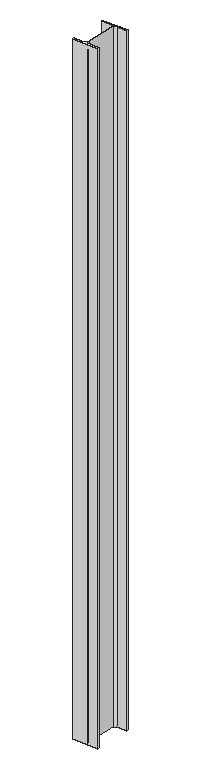
Revit family "L - Flange largo - Coluna", category Pilares estruturais, Revit 2019
Family settings
  Forma do corte = Não definido
  Material para o comportamento do modelo = Aço
  Exportar sempre como geometria = Não
  Redução da viga na planta = Da caixa de vinculação
  Corte com vazios quando carregada = Não
  Representação simbólica = Das configurações de projeto
  Compartilhado = Não
  Exibir o pré-corte da família na vista da planta = Sim
Parameters (values of type "W 150x13.0")
  tw = 4.3 mm
  tf = 4.9 mm
  r1 = 10 mm
  h = 148 mm
  b = 100 mm
  W = 0.013
  Structural Material [instance] = Metal - Aço 345 MPa
  A = 0.00166 m²
Reference planes
  plane 1 "Centro (Frente/Trás)": y = 0
  plane 2: z = 0
  plane 3 "Centro (Esquerda/Direita)": x = 0
  plane 4 "Esquerda": x = -50
  plane 5 "Direita": x = 50
  plane 6 "Parte posterior": y = 74
  plane 7 "Parte frontal": y = -74
  plane 8: x = -2.15
  plane 9: x = 2.15
  plane 10: y = -69.1
  plane 11: y = 69.1
Forms (mm)
  Extrusion 1, solid, material "Metal - Aço 345 MPa" <- "Structural Material", detail levels medium
    sketch origin (0, 0, 0) x (1, 0, 0) y (0, 1, 0)
      loop
        line (-50, 74) -> (-50, 69.1) -> (-2.15, 69.1) -> (-2.15, -69.1) -> (-50, -69.1) -> (-50, -74) -> (50, -74) -> (50, -69.1) -> (2.15, -69.1) -> (2.15, 69.1) -> (50, 69.1) -> (50, 74) -> (-50, 74)
    from 0 to 2500
  Extrusion 2, solid, material "Metal - Aço 345 MPa" <- "Structural Material", detail levels fine
    sketch origin (0, 0, 0) x (1, 0, 0) y (0, 1, 0)
      loop
        line (50, 74) -> (-50, 74) -> (-50, 69.1) -> (-12.15, 69.1)
        arc (-12.15, 69.1) -> (-5.079, 66.171) -> (-2.15, 59.1) r 10
        line (-2.15, 59.1) -> (-2.15, -59.1)
        arc (-2.15, -59.1) -> (-5.079, -66.171) -> (-12.15, -69.1) r 10
        line (-12.15, -69.1) -> (-50, -69.1) -> (-50, -74) -> (50, -74) -> (50, -69.1) -> (12.15, -69.1)
        arc (12.15, -69.1) -> (5.079, -66.171) -> (2.15, -59.1) r 10
        line (2.15, -59.1) -> (2.15, 59.1)
        arc (2.15, 59.1) -> (5.079, 66.171) -> (12.15, 69.1) r 10
        line (12.15, 69.1) -> (50, 69.1) -> (50, 74)
    from 0 to 2500
Lines and regions (mm)
  symbolic lines, style "StructuralColumnStickSymbols", detail levels coarse
    curve 1: line (50, 74, 0) -> (-50, 74, 0)
    curve 2: line (-50, -74, 0) -> (50, -74, 0)
    curve 3: line (0, 74, 0) -> (0, -74, 0)
  symbolic lines, style "Faces ocultas", detail levels medium+fine
    curve 4: line (2.15, 74, 0) -> (2.15, 74, 2500)
    curve 5: line (-2.15, 74, 2500) -> (-2.15, 74, 0)
Dimensions and locks
  equal spacing: plane 4 "Esquerda", plane 3 "Centro (Esquerda/Direita)", plane 5 "Direita"
  equal spacing: plane 7 "Parte frontal", plane 1 "Centro (Frente/Trás)", plane 6 "Parte posterior"
  "b": plane 4 "Esquerda" to plane 5 "Direita"
  "h": plane 7 "Parte frontal" to plane 6 "Parte posterior"
  "tf": plane 6 "Parte posterior" to plane 11
  "tf": plane 10 to plane 7 "Parte frontal"
  equal spacing: plane 8, plane 3 "Centro (Esquerda/Direita)", plane 9
  "tw": plane 8 to plane 9
  "r1": radius of Extrusion 2 sketch curve  (x4)
  aligned and locked: level to plane 2
  aligned and locked: plane 6 "Parte posterior" to Extrusion 1 sketch curve
  aligned and locked: Extrusion 1 sketch curve to plane 7 "Parte frontal"
  aligned and locked: plane 5 "Direita" to Extrusion 1 sketch curve  (x2)
  aligned and locked: Extrusion 1 sketch curve to plane 4 "Esquerda"  (x2)
  aligned and locked: level to Extrusion 1
  aligned and locked: Extrusion 1 to level
  aligned and locked: plane 11 to Extrusion 1 sketch curve  (x2)
  aligned and locked: plane 8 to Extrusion 1 sketch curve
  aligned and locked: plane 9 to Extrusion 1 sketch curve
  aligned and locked: Extrusion 1 sketch curve to plane 10  (x2)
  aligned and locked: curve 1 to Extrusion 1
  aligned and locked: curve 2 to Extrusion 1
  aligned and locked: curve 3 to plane 3 "Centro (Esquerda/Direita)"
  aligned and locked: plane 4 "Esquerda" to curve 1
  aligned and locked: plane 5 "Direita" to curve 1
  aligned and locked: plane 4 "Esquerda" to curve 2
  aligned and locked: plane 5 "Direita" to curve 2
  aligned and locked: plane 7 "Parte frontal" to curve 3
  aligned and locked: plane 6 "Parte posterior" to curve 3
  aligned and locked: curve 4 to Extrusion 1
  aligned and locked: curve 5 to Extrusion 1
  aligned and locked: level to curve 4
  aligned and locked: level to curve 5
  aligned and locked: plane 2 to curve 4
  aligned and locked: plane 2 to curve 5
  aligned and locked: Extrusion 2 sketch curve to Extrusion 1  (x8)
  aligned and locked: Extrusion 1 to Extrusion 2 sketch curve  (x4)
  aligned and locked: level to Extrusion 2
  aligned and locked: Extrusion 2 to level
Automatic sketch dimensions
  curve 5 to plane 8 = 0 mm
  plane 9 to curve 4 = 0 mm
Types in the file's own list only (87): name | tw | tf | r1 | h | b | W | A
  W 150x18.0 | 6 mm | 7 mm | 10 mm | 153 mm | 102 mm | 0.018 | 0.00 m²
  W 150x22.5 | 6 mm | 7 mm | 10 mm | 152 mm | 152 mm | 0.0225 | 0.00 m²
  W 150x24.0 | 7 mm | 10 mm | 12 mm | 160 mm | 102 mm | 0.024 | 0.00 m²
  W 150x29.8 | 7 mm | 9 mm | 10 mm | 157 mm | 153 mm | 0.0298 | 0.00 m²
  W 150x37.1 | 8 mm | 12 mm | 10 mm | 162 mm | 154 mm | 0.0371 | 0.00 m²
  W 200x15.0 | 4 mm | 5 mm | 10 mm | 200 mm | 100 mm | 0.015 | 0.00 m²
  W 200x19.3 | 6 mm | 7 mm | 10 mm | 203 mm | 102 mm | 0.0193 | 0.00 m²
  W 200x22.5 | 6 mm | 8 mm | 10 mm | 206 mm | 102 mm | 0.0225 | 0.00 m²
  W 200x26.6 | 6 mm | 8 mm | 10 mm | 207 mm | 133 mm | 0.0266 | 0.00 m²
  W 200x31.3 | 6 mm | 10 mm | 10 mm | 210 mm | 134 mm | 0.0313 | 0.00 m²
  W 200x35.9 | 6 mm | 10 mm | 10 mm | 201 mm | 165 mm | 0.0359 | 0.00 m²
  W 200x41.7 | 7 mm | 12 mm | 12 mm | 205 mm | 166 mm | 0.0417 | 0.01 m²
  W 200x46.1 | 7 mm | 11 mm | 10 mm | 203 mm | 203 mm | 0.0461 | 0.01 m²
  W 200x52.0 | 8 mm | 13 mm | 12 mm | 206 mm | 204 mm | 0.052 | 0.01 m²
  HP 200x53.0 | 11 mm | 11 mm | 10 mm | 204 mm | 207 mm | 0.053 | 0.01 m²
  W 200x59.0 | 9 mm | 14 mm | 12 mm | 210 mm | 205 mm | 0.059 | 0.01 m²
  W 200x71.0 | 10 mm | 17 mm | 10 mm | 216 mm | 206 mm | 0.071 | 0.01 m²
  W 200x86.0 | 13 mm | 21 mm | 12 mm | 222 mm | 209 mm | 0.086 | 0.01 m²
  W 250x17.9 | 5 mm | 5 mm | 10 mm | 251 mm | 101 mm | 0.0179 | 0.00 m²
  W 250x22.3 | 6 mm | 7 mm | 10 mm | 254 mm | 102 mm | 0.0223 | 0.00 m²
  W 250x25.3 | 6 mm | 8 mm | 10 mm | 257 mm | 102 mm | 0.0253 | 0.00 m²
  W 250x28.4 | 6 mm | 10 mm | 10 mm | 260 mm | 102 mm | 0.0284 | 0.00 m²
  W 250x32.7 | 6 mm | 9 mm | 10 mm | 258 mm | 146 mm | 0.0327 | 0.00 m²
  W 250x38.5 | 7 mm | 11 mm | 10 mm | 262 mm | 147 mm | 0.0385 | 0.00 m²
  W 250x44.8 | 8 mm | 13 mm | 10 mm | 266 mm | 148 mm | 0.0448 | 0.01 m²
  HP 250x62.0 | 11 mm | 11 mm | 12 mm | 246 mm | 256 mm | 0.062 | 0.01 m²
  W 250x73.0 | 9 mm | 14 mm | 12 mm | 253 mm | 254 mm | 0.073 | 0.01 m²
  W 250x80.0 | 9 mm | 16 mm | 12 mm | 256 mm | 255 mm | 0.08 | 0.01 m²
  HP 250x85.0 | 14 mm | 14 mm | 12 mm | 254 mm | 260 mm | 0.085 | 0.01 m²
  W 250x89.0 | 11 mm | 17 mm | 12 mm | 260 mm | 265 mm | 0.089 | 0.01 m²
  W 250x101.0 | 12 mm | 20 mm | 12 mm | 264 mm | 257 mm | 0.101 | 0.01 m²
  W 250x115.0 | 14 mm | 22 mm | 12 mm | 269 mm | 259 mm | 0.115 | 0.01 m²
  W 310x21.0 | 5 mm | 6 mm | 10 mm | 303 mm | 101 mm | 0.021 | 0.00 m²
  W 310x23.8 | 6 mm | 7 mm | 10 mm | 305 mm | 101 mm | 0.0238 | 0.00 m²
  W 310x28.3 | 6 mm | 9 mm | 10 mm | 309 mm | 102 mm | 0.0283 | 0.00 m²
  W 310x32.7 | 7 mm | 11 mm | 10 mm | 313 mm | 102 mm | 0.0327 | 0.00 m²
  W 310x38.7 | 6 mm | 10 mm | 10 mm | 310 mm | 165 mm | 0.0387 | 0.00 m²
  W 310x44.5 | 7 mm | 11 mm | 10 mm | 313 mm | 166 mm | 0.0445 | 0.01 m²
  W 310x52.0 | 8 mm | 13 mm | 10 mm | 317 mm | 167 mm | 0.052 | 0.01 m²
  HP 310x79.0 | 11 mm | 11 mm | 16 mm | 299 mm | 306 mm | 0.079 | 0.01 m²
  HP 310x93.0 | 13 mm | 13 mm | 16 mm | 303 mm | 308 mm | 0.093 | 0.01 m²
  W 310x97.0 | 10 mm | 15 mm | 16 mm | 308 mm | 305 mm | 0.097 | 0.01 m²
  W 310x107.0 | 11 mm | 17 mm | 16 mm | 311 mm | 306 mm | 0.107 | 0.01 m²
  HP 310x110.0 | 15 mm | 16 mm | 16 mm | 308 mm | 310 mm | 0.11 | 0.01 m²
  W 310x117.0 | 12 mm | 19 mm | 16 mm | 314 mm | 307 mm | 0.117 | 0.01 m²
  HP 310x125.0 | 17 mm | 17 mm | 16 mm | 312 mm | 312 mm | 0.125 | 0.02 m²
  W 360x32.9 | 6 mm | 9 mm | 12 mm | 349 mm | 127 mm | 0.0329 | 0.00 m²
  W 360x39.0 | 7 mm | 11 mm | 12 mm | 353 mm | 128 mm | 0.039 | 0.01 m²
  W 360x44.0 | 7 mm | 10 mm | 12 mm | 352 mm | 171 mm | 0.044 | 0.01 m²
  W 360x51.0 | 7 mm | 12 mm | 12 mm | 355 mm | 171 mm | 0.051 | 0.01 m²
  W 360x57.8 | 8 mm | 13 mm | 12 mm | 358 mm | 172 mm | 0.0578 | 0.01 m²
  W 360x64.0 | 8 mm | 14 mm | 16 mm | 347 mm | 203 mm | 0.064 | 0.01 m²
  W 360x72.0 | 9 mm | 15 mm | 16 mm | 350 mm | 204 mm | 0.072 | 0.01 m²
  W 360x79.0 | 9 mm | 17 mm | 16 mm | 354 mm | 205 mm | 0.079 | 0.01 m²
  W 360x91.0 | 10 mm | 16 mm | 16 mm | 353 mm | 254 mm | 0.091 | 0.01 m²
  W 360x101.0 | 11 mm | 18 mm | 17 mm | 357 mm | 255 mm | 0.101 | 0.01 m²
  W 360x110.0 | 11 mm | 20 mm | 16 mm | 360 mm | 256 mm | 0.11 | 0.01 m²
  W 360x122.0 | 13 mm | 22 mm | 16 mm | 363 mm | 257 mm | 0.122 | 0.02 m²
  W 410x38.8 | 6 mm | 9 mm | 12 mm | 399 mm | 140 mm | 0.0388 | 0.01 m²
  W 410x46.1 | 7 mm | 11 mm | 12 mm | 403 mm | 140 mm | 0.0461 | 0.01 m²
  W 410x53.0 | 8 mm | 11 mm | 12 mm | 403 mm | 177 mm | 0.053 | 0.01 m²
  W 410x60.0 | 8 mm | 13 mm | 12 mm | 407 mm | 178 mm | 0.06 | 0.01 m²
  W 410x67.0 | 9 mm | 14 mm | 12 mm | 410 mm | 179 mm | 0.067 | 0.01 m²
  W 410x75.0 | 10 mm | 16 mm | 12 mm | 413 mm | 180 mm | 0.075 | 0.01 m²
  W 410x85.0 | 11 mm | 18 mm | 12 mm | 417 mm | 181 mm | 0.085 | 0.01 m²
  W 460x52.0 | 8 mm | 11 mm | 12 mm | 450 mm | 152 mm | 0.052 | 0.01 m²
  W 460x60.0 | 8 mm | 13 mm | 12 mm | 455 mm | 153 mm | 0.06 | 0.01 m²
  W 460x68.0 | 9 mm | 15 mm | 12 mm | 459 mm | 154 mm | 0.068 | 0.01 m²
  W 460x74.0 | 9 mm | 15 mm | 12 mm | 457 mm | 190 mm | 0.074 | 0.01 m²
  W 460x82.0 | 10 mm | 16 mm | 12 mm | 460 mm | 191 mm | 0.082 | 0.01 m²
  W 460x89.0 | 11 mm | 18 mm | 12 mm | 463 mm | 192 mm | 0.089 | 0.01 m²
  W 460x97.0 | 11 mm | 19 mm | 12 mm | 466 mm | 193 mm | 0.097 | 0.01 m²
  W 460x106.0 | 13 mm | 21 mm | 12 mm | 469 mm | 194 mm | 0.106 | 0.01 m²
  W 530x66.0 | 9 mm | 11 mm | 12 mm | 525 mm | 165 mm | 0.066 | 0.01 m²
  W 530x72.0 | 9 mm | 11 mm | 12 mm | 524 mm | 207 mm | 0.072 | 0.01 m²
  W 530x74.0 | 10 mm | 14 mm | 12 mm | 529 mm | 166 mm | 0.074 | 0.01 m²
  W 530x82.0 | 10 mm | 13 mm | 12 mm | 528 mm | 209 mm | 0.082 | 0.01 m²
  W 530x85.0 | 10 mm | 17 mm | 12 mm | 535 mm | 166 mm | 0.085 | 0.01 m²
  W 530x92.0 | 10 mm | 16 mm | 12 mm | 533 mm | 209 mm | 0.092 | 0.01 m²
  W 530x101.0 | 11 mm | 17 mm | 16 mm | 537 mm | 210 mm | 0.101 | 0.01 m²
  W 530x109.0 | 12 mm | 19 mm | 16 mm | 539 mm | 211 mm | 0.109 | 0.01 m²
  W 610x101.0 | 11 mm | 15 mm | 16 mm | 603 mm | 228 mm | 0.101 | 0.01 m²
  W 610x113.0 | 11 mm | 17 mm | 16 mm | 608 mm | 228 mm | 0.113 | 0.01 m²
  W 610x125.0 | 12 mm | 20 mm | 16 mm | 612 mm | 229 mm | 0.125 | 0.02 m²
  W 610x140.0 | 13 mm | 22 mm | 16 mm | 617 mm | 230 mm | 0.14 | 0.02 m²
  W 610x155.0 | 13 mm | 19 mm | 16 mm | 611 mm | 324 mm | 0.155 | 0.02 m²
  W 610x174.0 | 14 mm | 22 mm | 16 mm | 616 mm | 325 mm | 0.174 | 0.02 m²
